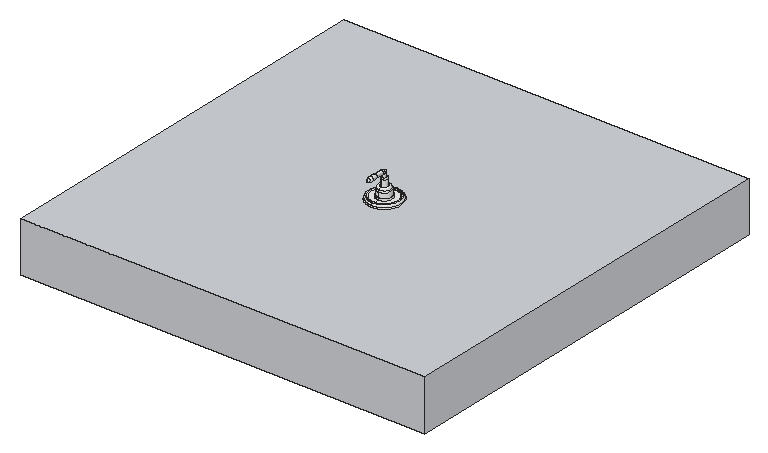
Revit family
Parameters (values of type "D35101500.100")
  Width = 7 7/8"
  Waste Connection = no
  WFU = 4
  Vent Connection = no
  URL = "www.dxv.com"
  Type Comments = ""
  Product Page URL = "http://www.dxv.com/Product/Ashbee-Pressure-Balanced-Shower-Trim-with-Lever-Handle"
  Product Documentation Link = "http://dxv.blob.core.windows.net/dxv-product-pdf-files/DXV_D35101500_Ashbee_pb_shw_spec_en.pdf"
  Price = "Prices may vary. Please consult Manufacturer Representative for most up-to-date price list."  # constant formula
  Phone Number = "416-250-5656"  # constant formula
  Omniclass Table 23 Title = "Showers"  # constant formula
  Omniclass Table 23 Code = "23.45.05.14.17"  # constant formula
  Model = "D35101500.100"
  Material = Metal-DXV-100-Polished Chrome
  Masterformat Title = "Residential Showers"  # constant formula
  Masterformat Number = "22 41 23"  # constant formula
  Manufacturer = "DVX"
  Length = 5 15/16"
  Installation Type = "Wall Mounted"
  Hot Water Connection Width = 2 1/2"
  Hot Water Connection Radius = 1/4"
  Hot Water Connection Height = Cold Water Connection Height  # 40"
  Hot Water Connection Diameter = Hot Water Connection Radius * 2  # 1/2"
  Height = 7 7/8"
  HWFU = 3
  HW Connection = yes
  Flow Rate = "1.5 GPM (5.7L/min)"
  Description = "ASHBEE LEVER PB SHOWER VALVE TRIM - Polished Chrome"
  Default Elevation = 36"
  Creation Date = "10/02/2014"  # constant formula
  Created By = "Allied Technical Services"  # constant formula
  Cold Water Connection Width = 2 1/2"
  Cold Water Connection Radius = 1/4"
  Cold Water Connection Height = 40"
  Cold Water Connection Diameter = Cold Water Connection Radius * 2  # 1/2"
  CWFU = 2
  CW Connection = yes
  Assembly Code = "D2010710"
  ATS URL = "http://www.atsspec.net"
  ADA Compliant = yes
Types (4): name | Model | Material | Description
  (no name) | "D35101500.100" | Metal-DXV-100-Polished Chrome | "ASHBEE LEVER PB SHOWER VALVE TRIM - Polished Chrome"
  D35101500.150 | "D35101500.150" | Metal-DXV-150-Platinum Nickel | "ASHBEE LEVER PB SHOWER VALVE TRIM - Platinum Nickel"
  D35101500.144 | "D35101500.144" | Metal-DXV-144-Brushed Nickel | "ASHBEE LEVER PB SHOWER VALVE TRIM - Brushed Nickel"
  D35101500.100 | "D35101500.100" | Metal-DXV-100-Polished Chrome | "ASHBEE LEVER PB SHOWER VALVE TRIM - Polished Chrome"
Reference planes (in)
  plane 1 "Center (Front/Back)": y = 0
  plane 2: z = 0
  plane 3 "Center (Left/Right)": x = 0
  plane 4: x = -3.9375
  plane 5: x = 3.9375
  plane 6 "Finished Floor": y = -36
  plane 7: x = 2.5
  plane 8: x = -2.5
  plane 9: y = 3.93683
  plane 10: y = -3.93817
  plane 11: z = 5.9375
  plane 12: z = -1.625
Forms (in)
  Extrusion 1, solid
    sketch origin (0, 0, 0) x (1, 0, 0) y (0, 1, 0)
      loop
        line (-48, 48) -> (-48, -48) -> (48, -48) -> (48, 48) -> (-48, 48)
    from 0 to -12
  Extrusion 2, solid
    sketch origin (-0.875, 0, -4.125) x (0, 0, -1) y (0, 1, 0)
      loop
        circle (-2.5, 0) r 0.25
    from -1.6867 to -1.625
  Revolve 3, solid, material "Metal-DXV-100-Polished Chrome" <- "Material"
    sketch origin (0, 0.01562, 0) x (0, 0, -1) y (0, 1, 0)
      loop
        line (-0.87941, 1.77354) -> (-0.87941, 1.52354) -> (-2.02465, 1.52354)
        arc (-2.02465, 1.52354) -> (-2.24897, 1.48398) -> (-2.44623, 1.37009) r 0.65586
        arc (-2.44623, 1.37009) -> (-2.72056, 1.25646) -> (-2.8342, 0.98212) r 0.38797
        line (-2.8342, 0.98212) -> (-2.8342, 0.71315) -> (-4.27397, 0.71315) -> (-4.27397, 0.64148) -> (-4.65046, 0.64148) -> (-4.65046, 0) -> (0, 0) -> (0, 3.93607)
        arc (0, 3.93607) -> (-0.13202, 3.89705) -> (-0.22329, 3.794) r 0.24969
        arc (-0.22329, 3.794) -> (-0.46483, 3.73825) -> (-0.65794, 3.58282) r 0.55443
        line (-0.65794, 3.58282) -> (-0.65794, 3.2692)
        arc (-0.65794, 3.2692) -> (-0.56406, 3.23031) -> (-0.52517, 3.13642) r 0.13278
        line (-0.52517, 3.13642) -> (-0.52517, 1.77354) -> (-0.87941, 1.77354)
      axis (-4.65046, 0) -> (0, 0)
    angle from 0 to 360
  Revolve 4, solid, material "Metal-DXV-100-Polished Chrome" <- "Material"
    sketch origin (0, 0.01562, 0) x (0, 0, -1) y (0, 1, 0)
      loop
        line (-5.9375, -0.98641) -> (-5.9375, -5.03373)
        arc (-5.9375, -5.03373) -> (-5.70771, -4.8822) -> (-5.75648, -4.6113) r 0.25
        arc (-5.75648, -4.6113) -> (-5.50612, -4.41978) -> (-5.40219, -4.12219) r 0.54956
        arc (-5.40219, -4.12219) -> (-5.41572, -3.42744) -> (-5.51863, -2.74023) r 5.38252
        arc (-5.51863, -2.74023) -> (-5.61248, -1.86332) -> (-5.51863, -0.98641) r 4.14354
        line (-5.51863, -0.98641) -> (-5.9375, -0.98641)
      axis (-5.9375, -0.98641) -> (-5.9375, -5.03373)
    angle from 0 to 360
  Sweep 5, solid, material "Metal-DXV-100-Polished Chrome" <- "Material"
    path origin (0, 0.01562, 0) x (0, 0, -1) y (0, 1, 0)
      loop
        line (-4.65046, 0) -> (-5.53708, 0)
        arc (-5.53708, 0) -> (-5.82022, -0.11728) -> (-5.9375, -0.40042) r 0.40042
        line (-5.9375, -0.40042) -> (-5.9375, -0.99023)
    profile origin (0, 0.01563, 5.09377) x (0, -1, 0) y (1, 0, 0)
      loop
        circle (0, 0) r 0.35123
  Extrusion 6, solid
    sketch origin (0.875, 0, -4.125) x (0, 0, -1) y (0, -1, 0)
      loop
        circle (-2.5, 0) r 0.25
    from -1.6867 to -1.625
Cuts and joins
  joined: Revolve 4, Sweep 5
Lines and regions (in)
  Masking region 1
    outline origin (0, 0, 0) x (1, 0, 0) y (0, 1, 0)
      loop
        arc (0.54055, -3.89951) -> (0, 3.9368) -> (-0.54055, -3.89951) r 3.9368
        arc (-0.54055, -3.89951) -> (-0.53904, -4.00307) -> (-0.53531, -4.10656) r 4.83135
        arc (-0.53531, -4.10656) -> (-0.42209, -4.39743) -> (-0.18102, -4.59568) r 0.61708
        arc (-0.18102, -4.59568) -> (0, -5.01914) -> (0.18102, -4.59568) r 0.25042
        arc (0.18102, -4.59568) -> (0.42254, -4.39775) -> (0.53531, -4.10656) r 0.61329
        arc (0.53531, -4.10656) -> (0.53904, -4.00307) -> (0.54055, -3.89951) r 4.83135
  Masking region 2
    outline origin (0, 0, 0) x (1, 0, 0) y (0, 0, 1)
      loop
        line (-3.93683, 0) -> (3.93683, 0)
        arc (3.93683, 0) -> (3.8961, 0.13121) -> (3.79373, 0.22284) r 0.25765
        arc (3.79373, 0.22284) -> (3.73874, 0.4651) -> (3.58213, 0.65794) r 0.54615
        line (3.58213, 0.65794) -> (1.77363, 0.65794) -> (1.77363, 0.87941) -> (1.52354, 0.87941) -> (1.52354, 2.06645)
        arc (1.52354, 2.06645) -> (1.47735, 2.26867) -> (1.37009, 2.44623) r 0.65336
        arc (1.37009, 2.44623) -> (1.26267, 2.71422) -> (1.00006, 2.8342) r 0.38871
        line (1.00006, 2.8342) -> (0.71315, 2.8342) -> (0.71315, 4.27397) -> (0.64148, 4.27397) -> (0.64148, 4.65046) -> (0.35123, 4.65046) -> (0.35123, 5.52595)
        arc (0.35123, 5.52595) -> (0, 6.47855) -> (-0.35123, 5.52595) r 0.54105
        line (-0.35123, 5.52595) -> (-0.35123, 4.65046) -> (-0.64148, 4.65046) -> (-0.64148, 4.27397) -> (-0.71315, 4.27397) -> (-0.71315, 2.8342) -> (-1.00006, 2.8342)
        arc (-1.00006, 2.8342) -> (-1.26267, 2.71422) -> (-1.37009, 2.44623) r 0.38872
        arc (-1.37009, 2.44623) -> (-1.47735, 2.26867) -> (-1.52354, 2.06645) r 0.65336
        line (-1.52354, 2.06645) -> (-1.52354, 0.87941) -> (-1.77363, 0.87941) -> (-1.77363, 0.65794) -> (-3.58213, 0.65794)
        arc (-3.58213, 0.65794) -> (-3.73874, 0.4651) -> (-3.79373, 0.22284) r 0.54615
        arc (-3.79373, 0.22284) -> (-3.8961, 0.13121) -> (-3.93683, 0) r 0.25765
  Masking region 3
    outline origin (0, 0, 0) x (0, 1, 0) y (0, 0, 1)
      loop
        arc (3.95169, 0) -> (3.91267, 0.13202) -> (3.80962, 0.22329) r 0.24969
        arc (3.80962, 0.22329) -> (3.75351, 0.46559) -> (3.59712, 0.65898) r 0.55443
        line (3.59712, 0.65898) -> (1.78952, 0.65898) -> (1.78952, 0.87853) -> (1.53952, 0.87853) -> (1.53952, 2.04556)
        arc (1.53952, 2.04556) -> (1.49535, 2.25846) -> (1.38572, 2.44623) r 0.67423
        arc (1.38572, 2.44623) -> (1.27208, 2.72056) -> (0.99775, 2.8342) r 0.38797
        line (0.99775, 2.8342) -> (0.72878, 2.8342) -> (0.72878, 4.27397) -> (0.65711, 4.27397) -> (0.65711, 4.65046) -> (0.36685, 4.65046) -> (0.36685, 5.53873)
        arc (0.36685, 5.53873) -> (0.14718, 6.06906) -> (-0.38315, 6.28873) r 0.75
        line (-0.38315, 6.28873) -> (-0.97079, 6.28873) -> (-0.97079, 6.35637)
        arc (-0.97079, 6.35637) -> (-1.84769, 6.26183) -> (-2.72459, 6.35637) r 4.11425
        arc (-2.72459, 6.35637) -> (-3.39144, 6.45807) -> (-4.06581, 6.47455) r 5.31953
        arc (-4.06581, 6.47455) -> (-4.38122, 6.37167) -> (-4.59568, 6.11852) r 0.60806
        arc (-4.59568, 6.11852) -> (-5.01901, 5.9375) -> (-4.59568, 5.75648) r 0.25037
        arc (-4.59568, 5.75648) -> (-4.4191, 5.51713) -> (-4.14399, 5.40407) r 0.5523
        arc (-4.14399, 5.40407) -> (-3.43044, 5.41364) -> (-2.72459, 5.51863) r 5.31953
        arc (-2.72459, 5.51863) -> (-1.84769, 5.61317) -> (-0.97079, 5.51863) r 4.11425
        line (-0.97079, 5.51863) -> (-0.97079, 5.58627) -> (-0.38551, 5.58627)
        arc (-0.38551, 5.58627) -> (-0.35022, 5.57165) -> (-0.3356, 5.53636) r 0.04991
        line (-0.3356, 5.53636) -> (-0.3356, 4.65046) -> (-0.62586, 4.65046) -> (-0.62586, 4.27397) -> (-0.69753, 4.27397) -> (-0.69753, 2.8342) -> (-0.9665, 2.8342)
        arc (-0.9665, 2.8342) -> (-1.24083, 2.72056) -> (-1.35447, 2.44623) r 0.38797
        arc (-1.35447, 2.44623) -> (-1.46376, 2.25887) -> (-1.50791, 2.0465) r 0.67428
        line (-1.50791, 2.0465) -> (-1.50791, 0.87941) -> (-1.75791, 0.87941) -> (-1.75791, 0.65794) -> (-3.56685, 0.65794)
        arc (-3.56685, 0.65794) -> (-3.72254, 0.46471) -> (-3.77808, 0.22286) r 0.55308
        arc (-3.77808, 0.22286) -> (-3.88127, 0.13177) -> (-3.92102, 0) r 0.25136
        line (-3.92102, 0) -> (3.95169, 0)
  symbolic lines, style "PlumbingFixtures", detail levels medium+fine
    curve 1: arc (0.38175, -2.53492, 0) -> (0.49881, -3.21283, 0) -> (0.54055, -3.89951, 0) r 6.24069
    curve 2: arc (0.38175, -2.53492, 0) -> (0.32325, -1.86129, 0) -> (0.37899, -1.18743, 0) r 4.00203
    curve 3: line (0.35123, -0.97079, 0) -> (0.4186, -0.97079, 0)
    curve 4: arc (0.4186, -0.97079, 0) -> (0.39805, -1.07897, 0) -> (0.37899, -1.18743, 0) r 8.023
    curve 5: arc (-0.38175, -2.53492, 0) -> (-0.49881, -3.21283, 0) -> (-0.54055, -3.89951, 0) r 6.24069
    curve 6: arc (-0.38175, -2.53492, 0) -> (-0.32325, -1.86129, 0) -> (-0.37899, -1.18743, 0) r 4.00203
    curve 7: line (-0.35123, -0.97079, 0) -> (-0.4186, -0.97079, 0)
    curve 8: arc (-0.4186, -0.97079, 0) -> (-0.39805, -1.07897, 0) -> (-0.37899, -1.18743, 0) r 8.023
    curve 9: line (-0.35123, -0.97079, 0) -> (-0.35123, 0.01563, 0)
    curve 10: line (0.35123, -0.97079, 0) -> (0.35123, 0.01563, 0)
    curve 11: arc (-0.35123, 0.01563, 0) -> (0, 0.36685, 0) -> (0.35123, 0.01563, 0) r 0.35123
    curve 12: arc (0.35123, -0.62047, 0) -> (0, 0.71298, 0) -> (-0.35123, -0.62047, 0) r 0.71298
    curve 13: arc (0.32474, -1.74348, 0) -> (0, 1.77347, 0) -> (-0.32474, -1.74348, 0) r 1.77347
    curve 15: arc (-0.35123, 0, 5.52595) -> (0, 0, 5.39645) -> (0.35123, 0, 5.52595) r 0.54105
    curve 16: line (-0.35123, 0, 4.65046) -> (0.35123, 0, 4.65046)
    curve 17: line (-0.64148, 0, 4.27397) -> (0.64148, 0, 4.27397)
    curve 18: line (-1.77363, 0, 0.65794) -> (1.77363, 0, 0.65794)
    curve 19: line (-1.52354, 0, 0.87941) -> (1.52354, 0, 0.87941)
    curve 22: line (0, -1.75791, 0.65794) -> (0, 1.78939, 0.65794)
    curve 23: line (0, 1.53952, 0.87853) -> (0, -1.5065, 0.87853)
    curve 24: line (0, 0.72878, 2.8342) -> (0, -0.69753, 2.8342)
    curve 25: line (0, 0.65711, 4.27397) -> (0, -0.62586, 4.27397)
    curve 26: line (0, 0.36685, 4.65046) -> (0, -0.3356, 4.65046)
    curve 27: line (0, -0.97079, 6.28873) -> (0, -0.97079, 5.58627)
  symbolic lines, style "PlumbingFixtures", detail levels fine
    curve 14: arc (-0.49881, -3.21283, 0) -> (0, 3.28525, 0) -> (0.49881, -3.21283, 0) r 3.26819
    curve 20: line (-1.37009, 0, 2.44623) -> (1.37009, 0, 2.44623)
    curve 21: line (-3.79373, 0, 0.22284) -> (3.79373, 0, 0.22284)
    curve 28: line (0, 1.38572, 2.44623) -> (0, -1.35447, 2.44623)
    curve 29: line (0, 3.80962, 0.22329) -> (0, -3.77919, 0.22329)
Dimensions and locks (in)
  "Width": plane 4 to plane 5
  "Default Elevation": plane 6 "Finished Floor" to plane 1 "Center (Front/Back)"
  "Height": plane 10 to plane 9
  "Length": plane 11 to plane 2
  aligned and locked: plane 2 to Extrusion 1
  aligned and locked: level to Extrusion 1
Automatic sketch dimensions
  Extrusion 1 sketch curve to Extrusion 1 sketch curve = 96"  (x2)
  Extrusion 2 sketch curve to plane 1 "Center (Front/Back)" = 0"
  Extrusion 2 sketch curve to plane 12 = 0"
  Sweep 5 sketch curve to plane 11 = 0"
  Sweep 5 sketch curve to Sweep 5 sketch curve = 0.40042"
  Sweep 5 sketch curve to plane 1 "Center (Front/Back)" = 1/64"
  Sweep 5 sketch curve to Sweep 5 sketch curve = 0.88662"
  Sweep 5 sketch curve to Sweep 5 sketch curve = 0.58981"
  Sweep 5 sketch curve to profile plane = 0"  (x2)
  Extrusion 6 sketch curve to plane 1 "Center (Front/Back)" = 0"
  Extrusion 6 sketch curve to plane 12 = 0"
  Masking region 1 sketch curve to plane 3 "Center (Left/Right)" = 0"  (x2)
  plane 1 "Center (Front/Back)" to Masking region 1 sketch curve = 0"
  Masking region 1 sketch curve to plane 3 "Center (Left/Right)" = 0.07414"
  Masking region 1 sketch curve to plane 3 "Center (Left/Right)" = 0.18102"
  Masking region 1 sketch curve to plane 10 = 0.16839"  (x2)
  plane 10 to Masking region 1 sketch curve = 0.03866"  (x2)
  Masking region 1 sketch curve to Masking region 1 sketch curve = 0.00524"
  plane 10 to Masking region 1 sketch curve = 0.05729"  (x2)
  plane 4 to Masking region 1 sketch curve = 0.35327"
  plane 3 "Center (Left/Right)" to Masking region 1 sketch curve = 0.07766"
  plane 3 "Center (Left/Right)" to Masking region 1 sketch curve = 0.18102"
  Masking region 1 sketch curve to Masking region 1 sketch curve = 0.45765"
  Masking region 1 sketch curve to Masking region 1 sketch curve = 0.48912"
  Masking region 1 sketch curve to Masking region 1 sketch curve = 0.17304"
  curve 12 to curve 13 = 0"  (x2)
  curve 14 to plane 3 "Center (Left/Right)" = 0"
  plane 1 "Center (Front/Back)" to curve 12 = 0"
  curve 12 to plane 3 "Center (Left/Right)" = 0"
  curve 13 to plane 3 "Center (Left/Right)" = 0.32474"
  curve 7 to plane 3 "Center (Left/Right)" = 0.35123"
  curve 6 to curve 8 = 0"
  curve 6 to plane 3 "Center (Left/Right)" = 0.38175"
  curve 7 to curve 7 = 0.06737"
  curve 14 to plane 3 "Center (Left/Right)" = 0.49881"
  plane 10 to curve 5 = 0.03866"
  plane 4 to curve 6 = 0.38777"
  plane 10 to curve 1 = 0.004"
  plane 10 to curve 8 = 1.41626"
  curve 8 to curve 1 = 2.59019"
  plane 3 "Center (Left/Right)" to curve 13 = 0.32474"
  curve 4 to curve 2 = 0"
  plane 3 "Center (Left/Right)" to curve 2 = 0.38175"
  curve 3 to curve 3 = 0.06737"
  curve 1 to curve 14 = 0.11706"
  plane 10 to curve 4 = 1.41626"
  curve 7 to curve 12 = 0.35032"
  curve 11 to curve 14 = 0.00144"
  Masking region 2 sketch curve to level = 0"
  Masking region 2 sketch curve to plane 3 "Center (Left/Right)" = 0"
  Masking region 2 sketch curve to plane 11 = 0"
  Masking region 2 sketch curve to plane 3 "Center (Left/Right)" = 0.35123"
  Masking region 2 sketch curve to Masking region 2 sketch curve = 0.29025"  (x2)
  Masking region 2 sketch curve to Masking region 2 sketch curve = 0.07167"  (x2)
  Masking region 2 sketch curve to Masking region 2 sketch curve = 0.15841"  (x2)
  Masking region 2 sketch curve to Masking region 2 sketch curve = 0.10982"  (x2)
  Masking region 2 sketch curve to Masking region 2 sketch curve = 0.28691"  (x2)
  Masking region 2 sketch curve to Masking region 2 sketch curve = 0.38872"
  plane 8 to Masking region 2 sketch curve = 0.97646"
  Masking region 2 sketch curve to Masking region 2 sketch curve = 0.2501"  (x2)
  level to Masking region 2 sketch curve = 0.22624"  (x2)
  Masking region 2 sketch curve to plane 4 = 0.68991"
  Masking region 2 sketch curve to plane 4 = 0.35537"
  Masking region 2 sketch curve to level = 0.00801"  (x2)
  Masking region 2 sketch curve to plane 4 = 0.25819"
  Masking region 2 sketch curve to plane 4 = 0.14377"
  Masking region 2 sketch curve to plane 4 = 0.00067"
  plane 3 "Center (Left/Right)" to Masking region 2 sketch curve = 0.35123"
  Masking region 2 sketch curve to Masking region 2 sketch curve = 0.38871"
  Masking region 2 sketch curve to Masking region 2 sketch curve = 0.15344"
  plane 5 to Masking region 2 sketch curve = 0.68991"
  plane 5 to Masking region 2 sketch curve = 0.35537"
  plane 5 to Masking region 2 sketch curve = 0.25819"
  plane 5 to Masking region 2 sketch curve = 0.14377"
  plane 5 to Masking region 2 sketch curve = 0.00067"
  Masking region 2 sketch curve to Masking region 2 sketch curve = 0.22147"  (x2)
  Masking region 2 sketch curve to Masking region 2 sketch curve = 1.14451"  (x2)
  Masking region 2 sketch curve to Masking region 2 sketch curve = 0.04253"  (x2)
  Masking region 2 sketch curve to Masking region 2 sketch curve = 0.0003"
  Masking region 2 sketch curve to Masking region 2 sketch curve = 0.00029"
  Masking region 2 sketch curve to Masking region 2 sketch curve = 1.43977"
  Masking region 2 sketch curve to Masking region 2 sketch curve = 0"
  Masking region 2 sketch curve to Masking region 2 sketch curve = 0.37649"  (x2)
  Masking region 2 sketch curve to plane 11 = 0.41155"
  curve 15 to plane 3 "Center (Left/Right)" = 0"
  curve 15 to plane 11 = 0.41155"
  Masking region 3 sketch curve to plane 11 = 0"
  Masking region 3 sketch curve to level = 0"
  Masking region 3 sketch curve to Masking region 3 sketch curve = 0.17296"  (x2)
  Masking region 3 sketch curve to plane 10 = 0.12764"
  Masking region 3 sketch curve to Masking region 3 sketch curve = 0"  (x4)
  Masking region 3 sketch curve to plane 11 = 0.07055"
  plane 10 to Masking region 3 sketch curve = 0.01715"
  plane 10 to Masking region 3 sketch curve = 0.07979"  (x2)
  plane 10 to Masking region 3 sketch curve = 0.16009"
  Masking region 3 sketch curve to level = 0.00393"
  Masking region 3 sketch curve to Masking region 3 sketch curve = 0.10838"
  plane 10 to Masking region 3 sketch curve = 0.37132"
  level to Masking region 3 sketch curve = 0.22316"
  Masking region 3 sketch curve to Masking region 3 sketch curve = 0.4447"
  Masking region 3 sketch curve to plane 11 = 0.41887"
  plane 11 to Masking region 3 sketch curve = 0.41887"
  plane 1 "Center (Front/Back)" to Masking region 3 sketch curve = 1.84769"
  Masking region 3 sketch curve to Masking region 3 sketch curve = 0.08978"
  Masking region 3 sketch curve to Masking region 3 sketch curve = 0.33978"
  Masking region 3 sketch curve to Masking region 3 sketch curve = 0.15344"
  plane 11 to Masking region 3 sketch curve = 0.35123"
  plane 1 "Center (Front/Back)" to Masking region 3 sketch curve = 0.97079"
  Masking region 3 sketch curve to Masking region 3 sketch curve = 0.38797"  (x2)
  Masking region 3 sketch curve to Masking region 3 sketch curve = 0.13224"
  plane 1 "Center (Front/Back)" to Masking region 3 sketch curve = 0.69753"
  Masking region 3 sketch curve to Masking region 3 sketch curve = 0.07167"
  plane 1 "Center (Front/Back)" to Masking region 3 sketch curve = 0.38551"
  plane 1 "Center (Front/Back)" to Masking region 3 sketch curve = 0.38315"
  Masking region 3 sketch curve to Masking region 3 sketch curve = 0.29025"  (x2)
  Masking region 3 sketch curve to plane 1 "Center (Front/Back)" = 0.36685"
  Masking region 3 sketch curve to plane 1 "Center (Front/Back)" = 0.72878"
  Masking region 3 sketch curve to Masking region 3 sketch curve = 0.13712"
  Masking region 3 sketch curve to Masking region 3 sketch curve = 0.26897"
  Masking region 3 sketch curve to Masking region 3 sketch curve = 0.67362"
  Masking region 3 sketch curve to Masking region 3 sketch curve = 1/4"
  level to Masking region 3 sketch curve = 0.22255"
  plane 9 to Masking region 3 sketch curve = 0.68164"
  plane 9 to Masking region 3 sketch curve = 0.33971"
  Masking region 3 sketch curve to level = 0.00202"
  plane 9 to Masking region 3 sketch curve = 0.23482"
  plane 9 to Masking region 3 sketch curve = 0.12721"
  Masking region 3 sketch curve to plane 9 = 0.01486"
  Masking region 3 sketch curve to Masking region 3 sketch curve = 0.21954"
  Masking region 3 sketch curve to Masking region 3 sketch curve = 0.22147"
  Masking region 3 sketch curve to Masking region 3 sketch curve = 1.13831"
  Masking region 3 sketch curve to Masking region 3 sketch curve = 0.51831"
  Masking region 3 sketch curve to Masking region 3 sketch curve = 0.02873"
  Masking region 3 sketch curve to Masking region 3 sketch curve = 0.54758"
  Masking region 3 sketch curve to Masking region 3 sketch curve = 1.26476"
  Masking region 3 sketch curve to Masking region 3 sketch curve = 1.24466"
  Masking region 3 sketch curve to Masking region 3 sketch curve = 0.37649"  (x2)
  Masking region 3 sketch curve to Masking region 3 sketch curve = 0.00237"
  Masking region 3 sketch curve to Masking region 3 sketch curve = 0.58528"
  Revolve 3 sketch curve to level = 0"
  level to Revolve 3 sketch curve = 0.22255"
  level to Revolve 3 sketch curve = 0.22329"
  plane 9 to Revolve 3 sketch curve = 0.33838"
  Revolve 3 sketch curve to Revolve 3 sketch curve = 0.13278"
  Revolve 3 sketch curve to Revolve 3 sketch curve = 0.35424"
  Revolve 3 sketch curve to Revolve 3 sketch curve = 1.14524"
  Revolve 3 sketch curve to Revolve 3 sketch curve = 0.42158"
  Revolve 3 sketch curve to plane 1 "Center (Front/Back)" = 1/64"  (x2)
  Revolve 3 sketch curve to Revolve 3 sketch curve = 0.2306"
  Revolve 3 sketch curve to Revolve 3 sketch curve = 0.38797"
  Revolve 3 sketch curve to Revolve 3 sketch curve = 1/2"
  Revolve 3 sketch curve to Revolve 3 sketch curve = 1.09714"
  Revolve 3 sketch curve to Revolve 3 sketch curve = 0.37649"
  Revolve 3 sketch curve to level = 0.00202"
  Revolve 3 sketch curve to Revolve 3 sketch curve = 0.64148"
  Revolve 3 sketch curve to plane 1 "Center (Front/Back)" = 0.72878"
  Revolve 3 sketch curve to Revolve 3 sketch curve = 0.15452"
  Revolve 3 sketch curve to Revolve 3 sketch curve = 0.26897"
  Revolve 3 sketch curve to Revolve 3 sketch curve = 0.4464"
  Revolve 3 sketch curve to Revolve 3 sketch curve = 0.10314"
  plane 9 to Revolve 3 sketch curve = 0.23482"
  Revolve 3 sketch curve to Revolve 3 sketch curve = 0.30262"
  Revolve 3 sketch curve to Revolve 3 sketch curve = 1/4"
  Revolve 4 sketch curve to plane 11 = 0"  (x2)
  plane 11 to Revolve 4 sketch curve = 0.01369"
  plane 10 to Revolve 4 sketch curve = 0.07444"
  Revolve 4 sketch curve to plane 11 = 0.18102"
  Revolve 4 sketch curve to Revolve 4 sketch curve = 0.41887"
  Revolve 4 sketch curve to plane 11 = 0.41887"
  Revolve 4 sketch curve to Revolve 4 sketch curve = 0"  (x2)
  Revolve 4 sketch curve to plane 10 = 0.16839"
  Revolve 4 sketch curve to plane 11 = 0.53531"
  level to Revolve 4 sketch curve = 1.46895"
  Revolve 4 sketch curve to Revolve 4 sketch curve = 0.48912"
  Revolve 4 sketch curve to Revolve 4 sketch curve = 0.17243"
  Revolve 4 sketch curve to Revolve 4 sketch curve = 0.34872"
  Revolve 4 sketch curve to Revolve 4 sketch curve = 0.20468"
  Masking region 3 sketch curve to plane 11 = 0.18102"
  Masking region 3 sketch curve to plane 10 = 0.20582"
  Masking region 3 sketch curve to Masking region 3 sketch curve = 0.52987"
  Masking region 3 sketch curve to Masking region 3 sketch curve = 0.10189"
  Masking region 3 sketch curve to Masking region 3 sketch curve = 0.61951"
  plane 11 to Masking region 3 sketch curve = 0.01508"
  Masking region 3 sketch curve to Masking region 3 sketch curve = 0.03727"
  plane 10 to curve 29 = 0.15898"
  curve 11 to plane 3 "Center (Left/Right)" = 0"
  plane 4 to curve 1 = 1.76254"
  curve 5 to plane 3 "Center (Left/Right)" = 0.54055"
  curve 6 to curve 7 = 0.02777"
  curve 3 to curve 4 = 0.02777"
  plane 10 to curve 1 = 0.03866"
  plane 3 "Center (Left/Right)" to curve 1 = 0.54055"
  curve 2 to plane 5 = 0.38777"
  plane 10 to curve 5 = 0.004"
  curve 12 to curve 11 = 1/64"
  curve 15 to plane 11 = 0"
  curve 15 to plane 3 "Center (Left/Right)" = 0.35123"
  curve 16 to plane 3 "Center (Left/Right)" = 0.35123"
  curve 17 to curve 16 = 0.29025"
  plane 8 to curve 20 = 1.12991"
  plane 8 to curve 19 = 0.97646"
  curve 18 to curve 19 = 0.2501"
  curve 21 to plane 4 = 0.14377"
  plane 3 "Center (Left/Right)" to curve 16 = 0.35123"
  plane 3 "Center (Left/Right)" to curve 15 = 0.35123"
  curve 16 to curve 17 = 0.29025"
  plane 7 to curve 20 = 1.12991"
  plane 7 to curve 19 = 0.97646"
  curve 19 to curve 18 = 0.2501"
  plane 5 to curve 21 = 0.14377"
  curve 16 to curve 15 = 0.87549"
  curve 17 to curve 16 = 0.37649"
  curve 20 to curve 17 = 1.82774"
  level to curve 19 = 0.87941"
  curve 18 to curve 19 = 0.22147"
  level to curve 21 = 0.22284"
  level to curve 22 = 0.65794"
  plane 1 "Center (Front/Back)" to curve 22 = 1.75791"
  curve 22 to curve 23 = 0.25141"
  plane 1 "Center (Front/Back)" to curve 28 = 1.35447"
  curve 27 to plane 11 = 0.35123"
  plane 1 "Center (Front/Back)" to curve 27 = 0.97079"
  plane 1 "Center (Front/Back)" to curve 24 = 0.69753"
  plane 1 "Center (Front/Back)" to curve 25 = 0.62586"
  plane 1 "Center (Front/Back)" to curve 26 = 0.3356"
  curve 26 to plane 1 "Center (Front/Back)" = 0.36685"
  curve 26 to curve 25 = 0.29025"
  curve 24 to plane 1 "Center (Front/Back)" = 0.72878"
  curve 24 to curve 28 = 0.65694"
  curve 23 to plane 1 "Center (Front/Back)" = 1.53952"
  curve 23 to curve 22 = 0.24987"
  plane 9 to curve 29 = 0.12721"
  level to curve 29 = 0.22329"
  curve 22 to curve 23 = 0.22059"
  curve 23 to curve 28 = 1.5677"
  curve 28 to curve 24 = 0.38797"
  curve 25 to curve 27 = 1.31231"
  curve 25 to curve 26 = 0.37649"
  plane 11 to curve 27 = 0.35123"
  radius of Extrusion 2 sketch curve = 1/4"
  radius of Sweep 5 sketch curve = 0.35123"
  radius of Extrusion 6 sketch curve = 1/4"
Connectors (in)
  piping at (2.5617, 0, -1.625), driven by "Cold Water Connection Radius", driven by "CWFU"
    settings: on Extrusion 6, index 1
  piping at (-2.5617, 0, -1.625), driven by "Hot Water Connection Radius", driven by "HWFU"
    settings: on Extrusion 2, index 2
